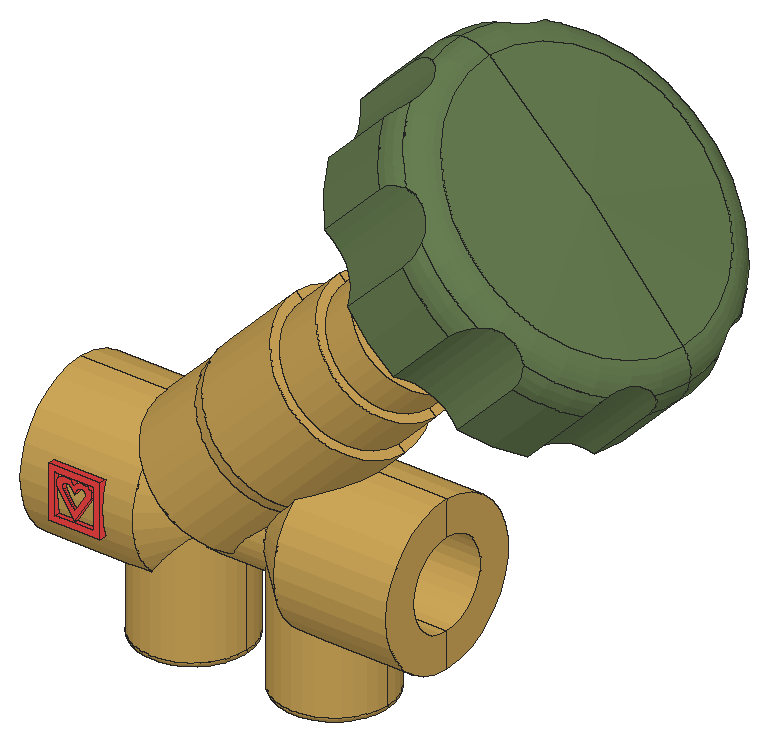
Revit family "Запорный клапан Strömax 4125 WD", category Rohrzubehör, Revit 2020
Family settings
  Bemaßung runder Anschluss = Durchmesser verwenden
  Teiletyp = Unterbricht
  OmniClass-Nummer = 23.65.55.14
  OmniClass-Titel = Valves for Liquid Services
  Arbeitsebenenbasiert = Nein
  Immer vertikal = Ja
  Beim Laden mit Abzugskörper schneiden = Nein
  Gemeinsam genutzt = Nein
Parameters
  Шпиндель = "Латунь CW617N"  # constant formula
  Уплотнение = "EPDM"  # constant formula
  Примечание = "В соответствии со статьей 33 Регламента REACH (Registration; Evaluation; Authorisation; Restriction of Chemicals) (EC № 1907/2006) мы обязаны указать, что свинец внесен в список SVHC (Substances of Very High Concern - вещества очень высокой важности) и весовой процент свинца во всех латунных компонентах заводского изготовления в наших изделиях, превышает 0,1 % (w/w) (CAS: 7439-92-1 / EINECS: 231-100-4).\r\nПоскольку свинец является легирующим компонентом сплава, прямое негативное влияние исключается, и поэтому дополнительной информации о безопасном использовании не требуется."
  Область применения = "Для перекрытия трубопроводов в системе питьевого водоснабжения в зданиях."
  Номер заказа [instance] = size_lookup("4125WD_", "Artnr", 0, Nennweite)  # 2412561
  Маховик = "пластик, цвет маховика - зеленый"  # constant formula
  Макс. рабочее давление = 2000000.0 Pa  # constant formula
  Макс. рабочая температура = 80 °C  # constant formula
  Корпус = "литая латунь, устойчивая к селективной цинковой коррозии, CC770S"  # constant formula
  Конус = "латунь, устойчивая к селективной цинковой коррозии, CW626N"  # constant formula
  Букса = "латунь, устойчивая к селективной цинковой коррозии, CW626N"  # constant formula
  W01 = 45.00°  # constant formula
  Vorgabe-Ansicht = 0 mm
  URL = "www.herz-armaturen.ru"
  Технически возможная область применения = " "  # constant formula
  SW01 = 60.00°  # constant formula
  SC_NennweiteBerechnet = 0
  SC_Dimension = ""
  SCTWSEQ = "FW_SBT_TYP_FW=\"109\";2"
  SCTWCODE = "04;00;02"  # constant formula
  S03 = 60 mm  # constant formula
  S02 [instance] = L06 + L09 + L12 + L15  # 77.9 mm
  S01 [instance] = R01 * 2  # 27 mm
  R12 [instance] = R01 - 1 mm  # 12.5 mm
  R11 [instance] = size_lookup("4125WD_", "R11", 46.5 mm, Nennweite)  # 5.1 mm
  R100 = 1 mm  # constant formula
  R10 [instance] = size_lookup("4125WD_", "R10", 46.5 mm, Nennweite)  # 8 mm
  R09 [instance] = size_lookup("4125WD_", "R9", 46.5 mm, Nennweite)  # 10.5 mm
  R08 [instance] = size_lookup("4125WD_", "R8", 46.5 mm, Nennweite)  # 12 mm
  R07 [instance] = size_lookup("4125WD_", "R7", 46.5 mm, Nennweite)  # 13.5 mm
  R06 [instance] = size_lookup("4125WD_", "R6", 43 mm, Nennweite)  # 13 mm
  R05 [instance] = Nennweite / 2  # 7.5 mm
  R03 = 9.5 mm  # constant formula
  R02 [instance] = Nennweite / 2  # 7.5 mm
  R01 [instance] = size_lookup("4125WD_", "R1", 11.5 mm, Nennweite)  # 13.5 mm
  Nennweite [instance] = 15 mm
  Мин. расход при Dp 10 кПа [instance] = if(Nennweite = 15 mm, 0.5 L/s, if(Nennweite = 20 mm, 1.0 L/s, if(Nennweite = 25 mm, 1.75 L/s, if(Nennweite = 32 mm, 3.0 L/s, if(Nennweite = 40 mm, 4.0 L/s, if(Nennweite = 50 mm, 6.75 L/s, if(Nennweite = 65 mm, 11.0 L/s, if(Nennweite = 80 mm, 16.0 L/s, 0.0 L/s))))))))  # 0.5 L/s
  Среда = "Питьевая вода"  # constant formula
  Макс. рабочая температура (в рамках ÖVGW-сертификации) = 65 °C  # constant formula
  Макс. перепад давления на закрытом седле = 1000000.0 Pa  # constant formula
  Макс. рабочее давление (в рамках ÖVGW-сертификации) = 1000000.0 Pa  # constant formula
  L16 [instance] = L01 / 2  # 10 mm
  L15 [instance] = size_lookup("4125WD_", "L15", 12.4 mm, Nennweite)  # 12.4 mm
  L14 [instance] = size_lookup("4125WD_", "L14", 81 mm, Nennweite)  # 6 mm
  L12 [instance] = size_lookup("4125WD_", "L12", 81 mm, Nennweite)  # 26 mm
  L11 [instance] = size_lookup("4125WD_", "L11", 60 mm, Nennweite)  # 6.7 mm
  L10 [instance] = size_lookup("4125WD_", "L10", 20 mm, Nennweite)  # 9.3 mm
  L09 [instance] = size_lookup("4125WD_", "L9", 11 mm, Nennweite)  # 17 mm
  L08 [instance] = size_lookup("4125WD_", "L8", 35 mm, Nennweite)  # 20 mm
  L07 [instance] = size_lookup("4125WD_", "L7", 35 mm, Nennweite)  # 12.5 mm
  L06 [instance] = size_lookup("4125WD_", "L6", 118 mm, Nennweite) - L09  # 22.5 mm
  L03 = 15 mm  # constant formula
  L02 [instance] = size_lookup("4125WD_", "L2", 22 mm, Nennweite)  # 6 mm
  L01 [instance] = size_lookup("4125WD_", "L1", 48 mm, Nennweite)  # 20 mm
  L00 [instance] = size_lookup("4125WD_", "L", 180 mm, Nennweite)  # 65 mm
  Hersteller = "HERZ Armaturen Ges.m.b.H."  # constant formula
  H01 [instance] = size_lookup("4125WD_", "H1", 53 mm, Nennweite)  # 24 mm
  Незапланированные повышения температуры = "до  95 °C, продолжительностью не более 1 часа"  # constant formula
  DN80 [instance] = Nennweite = 80 mm  # no
  DN65 [instance] = Nennweite = 65 mm  # no
  DN50 [instance] = Nennweite = 50 mm  # no
  DN40 [instance] = Nennweite = 40 mm  # no
  DN32 [instance] = Nennweite = 32 mm  # no
  DN25 [instance] = Nennweite = 25 mm  # no
  DN20 [instance] = Nennweite = 20 mm  # no
  DN15 [instance] = Nennweite = 15 mm  # yes
Reference planes
  plane 1 "Mitte (Vorne/hinten)": y = 0
  plane 2: z = 0
  plane 3 "Mitte (Links/rechts)": x = 0
Forms (mm)
  Revolve 1, solid, material "Messing, weicher Gelbton, geschweißt", detail levels fine
    sketch origin (470, 0, 0) x (1, 0, 0) y (0, 0, 1)
      loop
        line (-502.5, 7.5) -> (-487.5, 7.5) -> (-487.5, 0) -> (-452.5, 0) -> (-452.5, 7.5) -> (-437.5, 7.5) -> (-437.5, 13.5) -> (-457.5, 13.5) -> (-464, 7.5) -> (-476, 7.5) -> (-482.5, 13.5) -> (-502.5, 13.5) -> (-502.5, 7.5)
      axis (-502.5, 0) -> (-437.5, 0)
    angle from 0 to 360
  Revolve 2, solid, material "Messing, weicher Gelbton, geschweißt", detail levels fine
    sketch origin (470, 0, 0) x (1, 0, 0) y (0, 0, 1)
      loop
        line (-492, 0) -> (-492, -23)
        arc (-492, -23) -> (-491.707, -23.707) -> (-491, -24) r 1
        line (-491, -24) -> (-482.5, -24) -> (-482.5, 0) -> (-492, 0)
      axis (-482.5, 0) -> (-482.5, -24)
    angle from 0 to 360
  Revolve 3, solid, material "Messing, weicher Gelbton, geschweißt", detail levels fine
    sketch origin (-470, 0, 0) x (-1, 0, 0) y (0, 0, 1)
      loop
        line (-492, 0) -> (-492, -23)
        arc (-492, -23) -> (-491.707, -23.707) -> (-491, -24) r 1
        line (-491, -24) -> (-482.5, -24) -> (-482.5, 0) -> (-492, 0)
      axis (-482.5, 0) -> (-482.5, -24)
    angle from 0 to 360
  Revolve 4, solid, material "Messing, weicher Gelbton, geschweißt", detail levels fine
    sketch origin (0.32, 0, -0.105) x (1, 0, 0) y (0, 0, 1)
      loop
        line (-12.82, 0) -> (42.264, 55.084) -> (38.657, 58.69) -> (29.889, 49.922) -> (27.839, 51.972) -> (20.767, 44.901) -> (19, 46.669) -> (14.262, 41.931) -> (13.201, 42.992) -> (6.625, 36.416) -> (5.565, 37.477) -> (-6.456, 25.456) -> (-7.87, 23.335) -> (-17.77, 13.435) -> (-18.123, 5.303) -> (-12.82, 0)
      axis (-12.82, 0) -> (42.264, 55.084)
    angle from 0 to 360
Lines and regions (mm)
  model lines, detail levels coarse+medium
    curve 1: line (-32.5, 0, 13.5) -> (-32.5, 0, -13.5)
    curve 2: line (-32.5, 0, -13.5) -> (32.5, 0, 13.5)
    curve 3: line (32.5, 0, 13.5) -> (32.5, 0, -13.5)
    curve 4: line (32.5, 0, -13.5) -> (-32.5, 0, 13.5)
    curve 5: line (0, 0, 0) -> (38.95, 0, 67.463)
    curve 6: line (12.969, 0, 82.463) -> (64.931, 0, 52.463)
    curve 7: line (-32.5, 13.5, 0) -> (-32.5, -13.5, 0)
    curve 8: line (-32.5, -13.5, 0) -> (32.5, 13.5, 0)
    curve 9: line (32.5, 13.5, 0) -> (32.5, -13.5, 0)
    curve 10: line (32.5, -13.5, 0) -> (-32.5, 13.5, 0)
    curve 11: line (0, 0, 0) -> (38.95, 67.463, 0)
    curve 12: line (12.969, 82.463, 0) -> (64.931, 52.463, 0)
Dimensions and locks
  "H01": plane 2 to Revolve 2 sketch curve
  "L00": Revolve 1 sketch curve to Revolve 1 sketch curve
  equal spacing: Revolve 1 sketch curve, plane 3 "Mitte (Links/rechts)", Revolve 1 sketch curve
  "R01": Revolve 1 sketch curve to Revolve 1 sketch curve  (x2)
  "R02": Revolve 1 sketch curve to Revolve 1 sketch curve  (x3)
  "L01": Revolve 1 sketch curve to Revolve 1 sketch curve  (x2)
  "L02": plane 3 "Mitte (Links/rechts)" to Revolve 1 sketch curve
  "L02": Revolve 1 sketch curve to plane 3 "Mitte (Links/rechts)"
  "L03": Revolve 1 sketch curve to Revolve 1 sketch curve  (x2)
  "L01": Revolve 1 to Revolve 2 sketch curve
  "R03": Revolve 2 sketch curve to Revolve 2 sketch curve
  "L01": Revolve 3 sketch curve to Revolve 1
  "R03": Revolve 3 sketch curve to Revolve 3 sketch curve
  "H01": plane 2 to Revolve 3 sketch curve
  "R07": Revolve 4 sketch curve to Revolve 4 sketch curve
  "L07": plane 3 "Mitte (Links/rechts)" to Revolve 4 sketch curve
  "R05": Revolve 4 sketch curve to Revolve 4 sketch curve
  "L06": Revolve 4 sketch curve to Revolve 4 sketch curve
  "L08": Revolve 4 sketch curve to Revolve 4 sketch curve
  "R06": Revolve 4 sketch curve to Revolve 4 sketch curve
  "L14": Revolve 4 sketch curve to Revolve 4 sketch curve
  "L09": Revolve 4 sketch curve to Revolve 4 sketch curve
  "R08": Revolve 4 sketch curve to Revolve 4 sketch curve
  "L10": Revolve 4 sketch curve to Revolve 4 sketch curve
  "R09": Revolve 4 sketch curve to Revolve 4 sketch curve
  "R10": Revolve 4 sketch curve to Revolve 4 sketch curve
  "L12": Revolve 4 sketch curve to Revolve 4 sketch curve
  "R11": Revolve 4 sketch curve to Revolve 4 sketch curve
  "L15": Revolve 4 sketch curve to Revolve 4 sketch curve
  "L11": Revolve 4 sketch curve to Revolve 4 sketch curve
  "R12": nested 9 to plane 1 "Mitte (Vorne/hinten)"
  "L16": Revolve 1 to nested 9
  equal spacing: curve 1, plane 3 "Mitte (Links/rechts)", curve 3
  "L00": curve 1 to curve 3
  equal spacing: curve 4, plane 2, curve 2
  "S01": curve 4 to curve 2
  equal spacing: curve 3, plane 2, curve 4
  "S01": curve 3 to curve 4
  "S02": curve 5 to curve 5
  equal spacing: curve 6, curve 5, curve 6
  "S03": curve 6 to curve 6
  equal spacing: curve 7, plane 3 "Mitte (Links/rechts)", curve 9
  "L00": curve 7 to curve 9
  equal spacing: curve 8, plane 1 "Mitte (Vorne/hinten)", curve 10
  "S01": curve 10 to curve 8
  equal spacing: curve 10, plane 1 "Mitte (Vorne/hinten)", curve 9
  "S01": curve 9 to curve 10
  "S02": curve 11 to curve 11
  equal spacing: curve 12, curve 11, curve 12
  "S03": curve 12 to curve 12
  "R100": radius of Revolve 2 sketch curve
  "R100": radius of Revolve 3 sketch curve
  "W01": angle plane 2 to Revolve 4 sketch curve
  "W01": angle level to Revolve 4 sketch curve
  "SW01": angle plane 2 to curve 5
  "SW01": angle plane 1 "Mitte (Vorne/hinten)" to curve 11
  aligned and locked: level to plane 2
Automatic sketch dimensions
  curve 5 to level = 0 mm
  plane 1 "Mitte (Vorne/hinten)" to curve 11 = 0 mm
  Revolve 1 sketch curve to level = 0 mm  (x2)
  Revolve 1 sketch curve to Revolve 1 sketch curve = 791.99 mm
  Revolve 1 sketch curve to Revolve 1 sketch curve = 2278.983 mm
  Revolve 2 sketch curve to level = 0 mm  (x2)
  Revolve 2 sketch curve to Revolve 2 sketch curve = 0 mm
  Revolve 2 sketch curve to Revolve 2 sketch curve = 0.292 mm
  Revolve 3 sketch curve to level = 0 mm  (x2)
  Revolve 3 sketch curve to Revolve 3 sketch curve = 0 mm
  Revolve 3 sketch curve to Revolve 3 sketch curve = 0.292 mm
  Revolve 4 sketch curve to level = 0.105 mm
  Revolve 4 sketch curve to Revolve 4 sketch curve = 0 mm  (x2)
Nested families
  nested 1: "Strömax-Handrad_Schrägsitz (Grün)" at (42.584, 0, 54.979), visible <- "DN15", type "Strömax-Handrad_Schrägsitz (Grün)", detail levels fine
    with Nennweite 0 mm, Gewicht 0.00 kg, Bestellnummer 0
  nested 2: "Strömax-Handrad_Schrägsitz (Grün)" at (54.312, 0, 67.707), visible <- "DN20", type "Strömax-Handrad_Schrägsitz (Grün)", detail levels fine
    with Nennweite 0 mm, Gewicht 0.00 kg, Bestellnummer 0
  nested 3: "Strömax-Handrad_Schrägsitz (Grün)" at (62.469, 0, 80.364), visible <- "DN25", type "Strömax-Handrad_Schrägsitz (Grün)", detail levels fine
    with Nennweite 0 mm, Gewicht 0.00 kg, Bestellnummer 0
  nested 4: "Strömax-Handrad_Schrägsitz (Grün)" at (71.712, 0, 91.607), visible <- "DN32", type "Strömax-Handrad_Schrägsitz (Grün)", detail levels fine
    with Nennweite 0 mm, Gewicht 0.00 kg, Bestellnummer 0
  nested 5: "Strömax-Handrad_Schrägsitz (Grün)" at (80.399, 0, 101.294), visible <- "DN40", type "Strömax-Handrad_Schrägsitz (Grün)", detail levels fine
    with Nennweite 0 mm, Gewicht 0.00 kg, Bestellnummer 0
  nested 6: "Strömax-Handrad_Schrägsitz (Grün)" at (97.83, 0, 129.225), visible <- "DN50", type "Strömax-Handrad_Schrägsitz (Grün)", detail levels fine
    with Nennweite 0 mm, Gewicht 0.00 kg, Bestellnummer 0
  nested 7: "Strömax-Handrad_Schrägsitz (Grün)" at (114.482, 0, 149.378), visible <- "DN65", type "Strömax-Handrad_Schrägsitz (Grün)", detail levels fine
    with Nennweite 0 mm, Gewicht 0.00 kg, Bestellnummer 0
  nested 8: "Strömax-Handrad_Schrägsitz (Grün)" at (140.423, 0, 183.319), visible <- "DN80", type "Strömax-Handrad_Schrägsitz (Grün)", detail levels fine
    with Nennweite 0 mm, Gewicht 0.00 kg, Bestellnummer 0
  nested 9: "Herz-Logo-vorne" at (-22.5, -13.232, 0) x (0, 1, 0) z (0, 0, 1), type "Herz-Logo-vorne", detail levels fine
Connectors
  piping at (-17.5, 0, 0), diameter 15, driven by "Nennweite"
    settings: on Revolve 1, index 1, connector inside diameter 609.6 mm, connector length 0 mm, flow factor 0, pipe flow 0.0 L/s, pressure drop 0.0 Pa, fitting loss kfactor 0, connector angle 0.00°, fixture units 0, engagement length 0 mm, angle of deflection 0.00°, flow configuration 0, flow direction 1, fitting loss method 0, system type 29, joint type 0, gender type 0, connector reference index -1, connector utility 0, adjustable connector no, is connector primary yes, connector description ""
  piping at (17.5, 0, 0), diameter 15, driven by "Nennweite"
    settings: on Revolve 1, index 2, connector inside diameter 609.6 mm, connector length 0 mm, flow factor 0, pipe flow 0.0 L/s, pressure drop 0.0 Pa, fitting loss kfactor 0, connector angle 0.00°, fixture units 0, engagement length 0 mm, angle of deflection 0.00°, flow configuration 0, flow direction 2, fitting loss method 0, system type 29, joint type 0, gender type 0, connector reference index -1, connector utility 0, adjustable connector no, is connector primary no, connector description ""
Definition of nested family "Strömax-Handrad_Schrägsitz (Grün)"
  Parameters (values of type "Strömax-Handrad_Schrägsitz (Grün)")
    Default Elevation = 0 mm
    URL = "www.herz-armaturen.at"
    Nennweite [instance] = 0 mm
    Manufacturer = "Herz Armaturen GmbH"  # constant formula
    Gewicht [instance] = 0.00 kg
    Bestellnummer [instance] = 0
  Reference planes
    plane 1 "Mitte (Vorne/hinten)": y = 0
    plane 2: z = 0
    plane 3 "Mitte (Links/rechts)": x = 0
  Forms (mm)
    Revolve 1, solid
      sketch origin (0, 0, 0) x (0.707107, 0, -0.707107) y (0.707107, 0, 0.707107)
        loop
          line (0, 0) -> (0, 22)
          arc (0, 22) -> (-12.15, 21.705) -> (-24.271, 20.819) r 250
          arc (-24.271, 20.819) -> (-26.831, 19.959) -> (-28.754, 18.063) r 6
          arc (-28.754, 18.063) -> (-29.682, 16.008) -> (-30, 13.776) r 8
          line (-30, 13.776) -> (-30, 0) -> (0, 0)
        axis (0, 22) -> (0, 0)
      angle from 0 to 360
    Extrusion 2, void
      sketch origin (0, 0, 0) x (0.707107, 0, -0.707107) y (0, 1, 0)
        loop
          circle (14.351, -34.645) r 10
      from 0 to 22
    Extrusion 3, void
      sketch origin (0, 0, 0) x (-0.707107, 0, 0.707107) y (0, -1, 0)
        loop
          circle (14.351, 34.645) r 10
      from 0 to 22
    Extrusion 4, void
      sketch origin (0, 0, 0) x (0, -1, 0) y (0.707107, 0, -0.707107)
        loop
          circle (14.351, 34.645) r 10
      from 0 to 22
    Extrusion 5, void
      sketch origin (0, 0, 0) x (0, 1, 0) y (-0.707107, 0, 0.707107)
        loop
          circle (14.351, -34.645) r 10
      from 0 to 22
    Extrusion 6, void
      sketch origin (0, 0, 0) x (0, -1, 0) y (0.707107, 0, -0.707107)
        loop
          circle (14.351, -34.645) r 10
      from 0 to 22
    Extrusion 7, void
      sketch origin (0, 0, 0) x (0, 1, 0) y (-0.707107, 0, 0.707107)
        loop
          circle (14.351, 34.645) r 10
      from 0 to 22
    Extrusion 8, void
      sketch origin (0, 0, 0) x (0.707107, 0, -0.707107) y (0, 1, 0)
        loop
          circle (14.351, 34.645) r 10
      from 0 to 22
    Extrusion 9, void
      sketch origin (0, 0, 0) x (-0.707107, 0, 0.707107) y (0, -1, 0)
        loop
          circle (14.351, -34.645) r 10
      from 0 to 22
  Cuts and joins
    Extrusion 2, Extrusion 3, Extrusion 4, Extrusion 5, Extrusion 6, Extrusion 7, Extrusion 8, Extrusion 9 cuts Revolve 1
  Dimensions and locks
    aligned and locked: level to plane 2
Definition of nested family "Herz-Logo-vorne"
  Parameters (values of type "Herz-Logo-vorne")
    Default Elevation = 0 mm
  Reference planes
    plane 1 "Mitte (Vorne/hinten)": y = 0
    plane 2: z = 0
    plane 3 "Mitte (Links/rechts)": x = 0
  Forms (mm)
    Extrusion 1, solid
      sketch origin (0.732, -0.018, 0.017) x (0, -1, 0) y (0, 0, 1)
        loop
          line (-0.018, -4.517) -> (4.482, -4.517) -> (4.482, 4.483) -> (-4.518, 4.483) -> (-4.518, -4.517) -> (-0.018, -4.517)
        loop
          line (-0.05, -3.48) -> (3.482, -3.48) -> (3.482, 3.483) -> (-3.518, 3.483) -> (-3.518, -3.48) -> (-0.05, -3.48)
        loop
          arc (-0.018, 2.383) -> (-1.543, 3.287) -> (-3.067, 2.383) r 1.738
          arc (-3.067, 2.383) -> (-3.191, 1.899) -> (-3.067, 1.415) r 1.009
          line (-3.067, 1.415) -> (-0.018, -3.281) -> (3.032, 1.415)
          arc (3.032, 1.415) -> (3.156, 1.899) -> (3.032, 2.383) r 1.009
          arc (3.032, 2.383) -> (1.507, 3.287) -> (-0.018, 2.383) r 1.738
        loop
          arc (1.885, 1.272) -> (2.005, 1.675) -> (1.885, 2.079) r 0.74
          arc (1.885, 2.079) -> (1.265, 2.416) -> (0.644, 2.079) r 0.74
          line (0.644, 2.079) -> (-0.018, 0.97) -> (-0.679, 2.079)
          arc (-0.679, 2.079) -> (-1.3, 2.416) -> (-1.921, 2.079) r 0.74
          arc (-1.921, 2.079) -> (-2.04, 1.675) -> (-1.921, 1.272) r 0.74
          line (-1.921, 1.272) -> (-0.018, -1.658) -> (1.885, 1.272)
      from 0 to 1.5
  Dimensions and locks
    aligned and locked: level to plane 2
